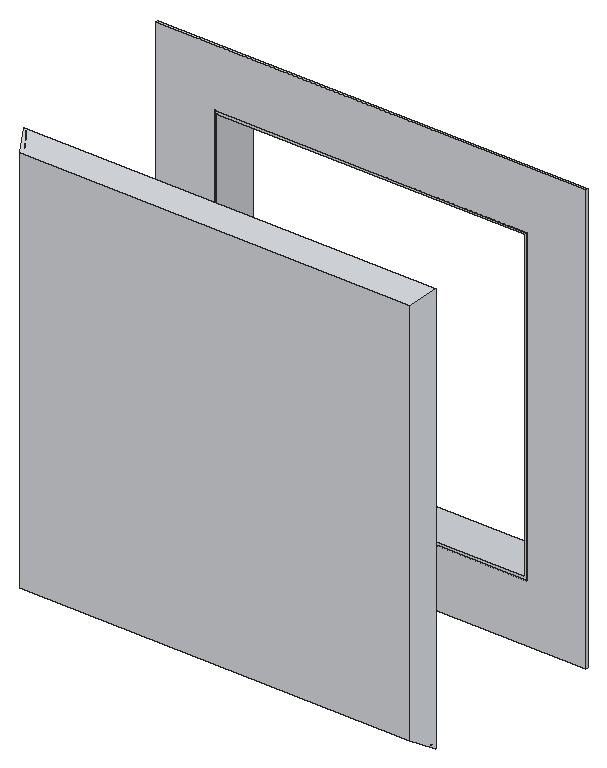
Revit family "SV6", category Air Terminals, Revit 2016
Family settings
  Part Type = Normal
  Round Connector Dimension = Use Diameter
  Work Plane-Based = No
  Always vertical = Yes
  Cut with Voids When Loaded = No
  Shared = No
  Room Calculation Point = No
Parameters
  Wall Depth User Defined = 6"
  URL = "http://www.anemostat-hvac.com"
  Model = "S-Vent - Model SV6/SSV26"
  Manufacturer = "Anemostat"
  Overall Width = Rough Opening Width User Defined + 1"  # 14"
  Overall Height = Rough Opening Height User Defined + 2"  # 14"
  Rough Opening Width User Defined = 13"
  Rough Opening Height User Defined = 12"
  Duct Connection Width = Duct Collar Width + 1/8"  # 10 93/128"
  Duct Connection Height = Duct Collar Height + 1/8"  # 10 93/128"
  Duct Collar Width = Rough Opening Width User Defined - 2 51/128"  # 10 77/128"
  Duct Collar Height = Rough Opening Height User Defined - 1 51/128"  # 10 77/128"
  Back of Grille = 1 7/8"
Reference planes (in)
  plane 1 "Center (Front/Back)": y = 0
  plane 2: z = 0
  plane 3 "Center (Left/Right)": x = 0
  plane 4: x = -7
  plane 5: x = 7
  plane 6: z = 14
  plane 7 "Grille Face": y = -0.625
  plane 8 "Back of Face": y = -0.547
  plane 9 "Back of Grille": y = 1.328
  plane 10 "Wall Depth": y = 6
  plane 11: x = 6.5
  plane 12: x = -6.5
  plane 13: z = 13.1875
  plane 14: z = 1.1875
  plane 15: z = 12.4875
  plane 16: z = 1.88594
  plane 17: x = 5.30078
  plane 18: x = -5.30078
Forms (in)
  Blend 1, solid
    base sketch origin (0, 0, 0) x (1, 0, 0) y (0, 0, 1)
      loop
        line (-7, 14) -> (-7, 0) -> (7, 0) -> (7, 14) -> (-7, 14)
    top sketch origin (0, 0, 0) x (1, 0, 0) y (0, 0, 1)
      loop
        line (-6.625, 13.625) -> (-6.625, 0.375) -> (6.625, 0.375) -> (6.625, 13.625) -> (-6.625, 13.625)
    from 0 to 0.625
  Blend 2, void
    base sketch origin (0, 0, 0) x (1, 0, 0) y (0, 0, 1)
      loop
        line (6.922, 13.922) -> (-6.922, 13.922) -> (-6.922, 0.078) -> (6.922, 0.078) -> (6.922, 13.922)
    top sketch origin (0, 0, 0) x (1, 0, 0) y (0, 0, 1)
      loop
        line (6.547, 13.547) -> (-6.547, 13.547) -> (-6.547, 0.453) -> (6.547, 0.453) -> (6.547, 13.547)
    from 0 to 0.547
  Extrusion 3, solid
    sketch origin (0, -0.547, 0) x (0, 0, -1) y (-1, 0, 0)
      loop
        line (-13, -5.75) -> (-1.4375, -5.75) -> (-1.4375, 5.75) -> (-13, 5.75) -> (-13, -5.75)
    from 0 to 1.875 <- "Back of Grille"
  Extrusion 4, void
    sketch origin (0, -0.547, 0) x (0, 0, -1) y (-1, 0, 0)
      loop
        line (-12.922, 5.672) -> (-12.922, -5.672) -> (-1.5155, -5.672) -> (-1.5155, 5.672) -> (-12.922, 5.672)
    from 0 to 1.875 <- "Back of Grille"
  Sweep 5, solid
    path origin (0, 6, 0) x (0, 0, 1) y (-1, 0, 0)
      loop
        line (12.4875, -5.30078) -> (12.4875, 5.30078) -> (1.88594, 5.30078) -> (1.88594, -5.30078) -> (12.4875, -5.30078)
    profile origin (0, 6, 12.4875) x (0, 0, -1) y (0, -1, 0)
      loop
        line (-2, 0) -> (-2, -0.078) -> (0, -0.078) -> (0, 0) -> (-2, 0)
  Extrusion 6, solid
    sketch origin (0, 6, 0) x (0, 0, 1) y (-1, 0, 0)
      loop
        line (12.4875, -5.30078) -> (12.4875, 5.30078) -> (1.88594, 5.30078) -> (1.88594, -5.30078) -> (12.4875, -5.30078)
    from 0 to -1.5
  Extrusion 7, void
    sketch origin (0, 6, 0) x (0, 0, 1) y (-1, 0, 0)
      loop
        line (12.4095, -5.22278) -> (12.4095, 5.22278) -> (1.96394, 5.22278) -> (1.96394, -5.22278) -> (12.4095, -5.22278)
    from 0 to -1.5
Cuts and joins
  Blend 2, Extrusion 4 cuts Blend 1
  Extrusion 4 cuts Extrusion 3
  Extrusion 7 cuts Extrusion 6
Dimensions and locks (in)
  equal spacing: plane 5, plane 3 "Center (Left/Right)", plane 4
  "Overall Width": plane 5 to plane 4
  "Wall Depth User Defined": plane 10 "Wall Depth" to plane 1 "Center (Front/Back)"
  locked: plane 13 to plane 6 at 0.8125
  "Rough Opening Height User Defined": plane 14 to plane 13
  "Overall Height": level to plane 6
  equal spacing: plane 12, plane 3 "Center (Left/Right)", plane 11
  "Rough Opening Width User Defined": plane 12 to plane 11
  locked: plane 15 to plane 13 at 0.7
  "Duct Collar Height": plane 16 to plane 15
  equal spacing: plane 18, plane 3 "Center (Left/Right)", plane 17
  "Duct Collar Width": plane 18 to plane 17
  aligned and locked: Blend 1 sketch curve to plane 6
  aligned and locked: plane 4 to Blend 1 sketch curve
  aligned and locked: level to Blend 1 sketch curve
  aligned and locked: Blend 1 sketch curve to plane 5
  aligned and locked: plane 15 to Sweep 5 sketch curve
  aligned and locked: Sweep 5 sketch curve to plane 17
  aligned and locked: Sweep 5 sketch curve to plane 16
  aligned and locked: plane 18 to Sweep 5 sketch curve
  aligned and locked: Extrusion 6 sketch curve to Sweep 5  (x4)
Automatic sketch dimensions
  plane 4 to Blend 2 sketch curve = 0.078"
  Blend 2 sketch curve to plane 5 = 0.078"
  level to Blend 2 sketch curve = 0.078"
  Blend 2 sketch curve to plane 6 = 0.078"
  Blend 1 sketch curve to plane 5 = 3/8"
  Blend 2 sketch curve to plane 5 = 0.453"
  plane 4 to Blend 1 sketch curve = 3/8"
  plane 4 to Blend 2 sketch curve = 0.453"
  plane 4 to Extrusion 3 sketch curve = 1 1/4"
  plane 4 to Extrusion 4 sketch curve = 1.328"
  level to Blend 1 sketch curve = 3/8"
  level to Blend 2 sketch curve = 0.453"
  level to Extrusion 3 sketch curve = 1 7/16"
  level to Extrusion 4 sketch curve = 1.5155"
  Blend 1 sketch curve to plane 6 = 3/8"
  Blend 2 sketch curve to plane 6 = 0.453"
  Extrusion 3 sketch curve to plane 6 = 1"
  Extrusion 4 sketch curve to plane 6 = 1.078"
  Extrusion 3 sketch curve to plane 5 = 1 1/4"
  Extrusion 4 sketch curve to plane 5 = 1.328"
  Sweep 5 sketch curve to plane 10 "Wall Depth" = 0"
  Sweep 5 sketch curve to profile plane = 0"
  profile plane to Sweep 5 sketch curve = 2"
  Sweep 5 sketch curve to Sweep 5 sketch curve = 0.078"
  plane 16 to Extrusion 7 sketch curve = 0.078"
  Extrusion 7 sketch curve to plane 15 = 0.078"
  plane 17 to Extrusion 7 sketch curve = 0.078"
  Extrusion 7 sketch curve to plane 18 = 0.078"
Connectors (in)
  hvac at (0, 7.5, 7.18672), driven by "Duct Connection Width", driven by "Duct Connection Height"
    settings: on cut or joined group of Extrusion 6, Extrusion 7, index 1, duct flow 0 CFM, flow factor 0, pres drop 0.00 in-wg, loss coef 0, conn angle 0.00°, conn width 10 93/128", conn height 10 93/128", conn diameter 24", duct sys type 1, conn prof type 1, flow config 0, flow direction 0, loss method 0, conn ref index -1, conn util no, is conn primary yes, conn desc ""
